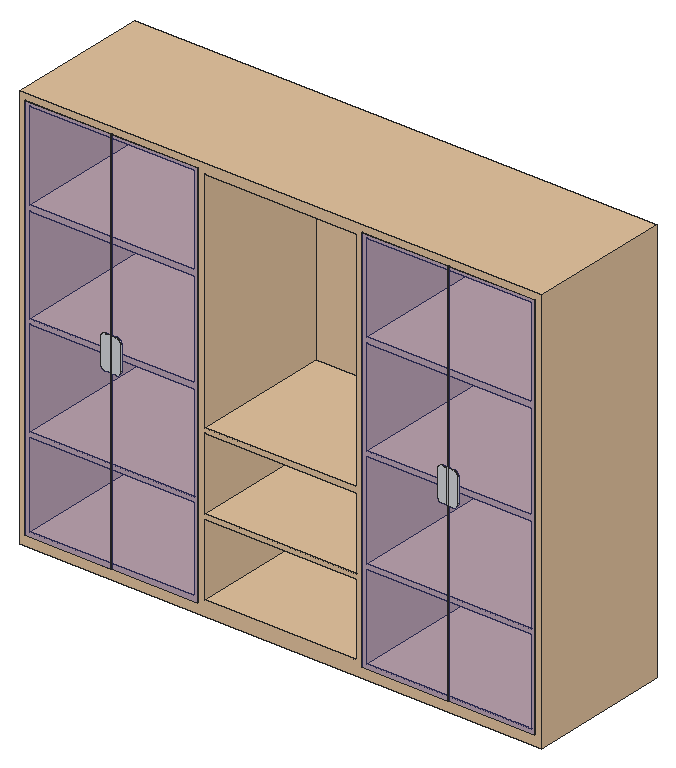
Revit family "6450095ca75e4d3b9abb52087d075751", category Mobilier, Revit 2021
Family settings
  Basée sur le plan de construction = Non
  Toujours verticalement = Oui
  Couper avec des vides une fois chargée = Non
  Partagée = Non
  Point de calcul de pièce = Non
Parameters (values of type "2743mm x 2134mm x 762mm")
  Elévation par défaut = 0 mm
  Portes = Verre
  Finition = Bois - Bouleau
  Largeur centrale = 800 mm
  Profondeur = 762 mm
  Hauteur = 2134 mm
  Largeur = 2743 mm
Types (3, lengths in mm): name | Largeur centrale | Profondeur | Hauteur | Largeur
  (no name) | 800 | 762 | 2134 | 2743
  1830mm x 1830mm x 610mm | 813 | 610 | 1830 | 1830
  2743mm x 2134mm x 762mm | 800 | 762 | 2134 | 2743
Reference planes
  plane 1: y = -406.4
  plane 2: z = 0
  plane 3: x = 0
  plane 4 "Arrière": y = -25.4
  plane 5 "Avant": y = -787.4
  plane 6 "Droite": x = 1371.5
  plane 7 "Gauche": x = -1371.5
  plane 8: z = 2134
  plane 9: x = -1320.7
  plane 10: x = -400
  plane 11: x = 400
  plane 12: x = 1320.7
  plane 13: x = -1371.5
  plane 14: x = 1371.5
  plane 15: z = 1600.5
  plane 16: z = 1067
  plane 17: z = 533.5
  plane 18: x = -425.4
  plane 19: x = 425.4
  plane 20: x = -885.75
  plane 21: x = 885.75
  plane 22: x = -1320.7
  plane 23: x = -450.8
  plane 24: x = 450.8
  plane 25: x = 1320.7
Forms (mm)
  Extrusion 1, solid, material "Bois - Bouleau" <- "Finition"
    sketch origin (0, 0, 0) x (1, 0, 0) y (0, 0, 1)
      loop
        line (-1371.5, 0) -> (1371.5, 0) -> (1371.5, 2134) -> (-1371.5, 2134) -> (-1371.5, 0)
      loop
        line (-1320.7, 2083.2) -> (-1320.7, 1613.2) -> (-450.8, 1613.2) -> (-450.8, 2083.2) -> (-1320.7, 2083.2)
      loop
        line (-1320.7, 76.2) -> (-450.8, 76.2) -> (-450.8, 520.8) -> (-1320.7, 520.8) -> (-1320.7, 76.2)
      loop
        line (1320.7, 2083.2) -> (450.8, 2083.2) -> (450.8, 1613.2) -> (1320.7, 1613.2) -> (1320.7, 2083.2)
      loop
        line (-400, 2083.2) -> (-400, 889.2) -> (400, 889.2) -> (400, 2083.2) -> (-400, 2083.2)
      loop
        line (-400, 76.2) -> (400, 76.2) -> (400, 457.3) -> (-400, 457.3) -> (-400, 76.2)
      loop
        line (450.8, 76.2) -> (1320.7, 76.2) -> (1320.7, 520.8) -> (450.8, 520.8) -> (450.8, 76.2)
      loop
        line (-450.8, 546.2) -> (-450.8, 1054.3) -> (-1320.7, 1054.3) -> (-1320.7, 546.2) -> (-450.8, 546.2)
      loop
        line (-1320.7, 1587.8) -> (-1320.7, 1079.7) -> (-450.8, 1079.7) -> (-450.8, 1587.8) -> (-1320.7, 1587.8)
      loop
        line (1320.7, 1587.8) -> (450.8, 1587.8) -> (450.8, 1079.7) -> (1320.7, 1079.7) -> (1320.7, 1587.8)
      loop
        line (1320.7, 1054.3) -> (450.8, 1054.3) -> (450.8, 546.2) -> (1320.7, 546.2) -> (1320.7, 1054.3)
      loop
        line (-400, 482.7) -> (400, 482.7) -> (400, 863.8) -> (-400, 863.8) -> (-400, 482.7)
    from 25.4 to 781.05
  Extrusion 2, solid, material "Bois - Bouleau" <- "Finition"
    sketch origin (0, -25.4, 0) x (-1, 0, 0) y (0, 0, 1)
      loop
        line (1320.7, 2083.2) -> (-1320.7, 2083.2) -> (-1320.7, 76.2) -> (1320.7, 76.2) -> (1320.7, 2083.2)
    from 0 to -25.4
  Extrusion 3, solid, material "Verre" <- "Portes"
    sketch origin (0, -787.4, 0) x (-1, 0, 0) y (0, 0, 1)
      loop
        line (1339.75, 2102.25) -> (888.925, 2102.25) -> (888.925, 50.8) -> (1339.75, 50.8) -> (1339.75, 2102.25)
      loop
        line (431.75, 50.8) -> (882.575, 50.8) -> (882.575, 2102.25) -> (431.75, 2102.25) -> (431.75, 50.8)
      loop
        line (-1339.857, 2102.25) -> (-1339.857, 50.8) -> (-888.925, 50.8) -> (-888.925, 2102.25) -> (-1339.857, 2102.25)
      loop
        line (-431.75, 50.8) -> (-431.75, 2102.25) -> (-882.575, 2102.25) -> (-882.575, 50.8) -> (-431.75, 50.8)
    from 0 to 6.35
  Extrusion 4, solid
    sketch origin (0, -787.4, 0) x (-1, 0, 0) y (0, 0, 1)
      loop
        line (882.575, 1155.9) -> (858.349, 1155.9)
        arc (858.349, 1155.9) -> (840.388, 1148.461) -> (832.949, 1130.5) r 25.4
        line (832.949, 1130.5) -> (832.949, 1003.5)
        arc (832.949, 1003.5) -> (840.388, 985.539) -> (858.349, 978.1) r 25.4
        line (858.349, 978.1) -> (882.575, 978.1) -> (882.575, 1155.9)
      loop
        line (888.925, 1155.9) -> (888.925, 978.1) -> (913.531, 978.1)
        arc (913.531, 978.1) -> (931.492, 985.539) -> (938.931, 1003.5) r 25.4
        line (938.931, 1003.5) -> (938.931, 1130.5)
        arc (938.931, 1130.5) -> (931.492, 1148.461) -> (913.531, 1155.9) r 25.4
        line (913.531, 1155.9) -> (888.925, 1155.9)
      loop
        line (-882.575, 1155.9) -> (-882.575, 978.1) -> (-858.349, 978.1)
        arc (-858.349, 978.1) -> (-840.388, 985.539) -> (-832.949, 1003.5) r 25.4
        line (-832.949, 1003.5) -> (-832.949, 1130.5)
        arc (-832.949, 1130.5) -> (-840.388, 1148.461) -> (-858.349, 1155.9) r 25.4
        line (-858.349, 1155.9) -> (-882.575, 1155.9)
      loop
        line (-888.925, 1155.9) -> (-913.531, 1155.9)
        arc (-913.531, 1155.9) -> (-931.492, 1148.461) -> (-938.931, 1130.5) r 25.4
        line (-938.931, 1130.5) -> (-938.931, 1003.5)
        arc (-938.931, 1003.5) -> (-931.492, 985.539) -> (-913.531, 978.1) r 25.4
        line (-913.531, 978.1) -> (-888.925, 978.1) -> (-888.925, 1155.9)
    from 0 to -3.175
Cuts and joins
  joined: Extrusion 1, Extrusion 2
Dimensions and locks
  locked: plane 13 to plane 9 at 50.8
  locked: plane 12 to plane 14 at 50.8
  plane 8 to Extrusion 1 sketch curve = 50.8 mm
  Extrusion 1 sketch curve to plane 2 = 76.2 mm
  Extrusion 1 sketch curve to Extrusion 1 sketch curve = 25.4 mm  (x2)
  "Largeur": plane 7 "Gauche" to plane 6 "Droite"
  equal spacing: plane 7 "Gauche", plane 3, plane 6 "Droite"
  equal spacing: plane 4 "Arrière", plane 1, plane 5 "Avant"
  "Profondeur": plane 4 "Arrière" to plane 5 "Avant"
  equal spacing: plane 8, plane 15, plane 16, plane 17, plane 2
  locked: Extrusion 1 sketch curve to plane 15 at 12.7
  locked: plane 15 to Extrusion 1 sketch curve at 12.7
  locked: Extrusion 1 sketch curve to plane 16 at 12.7
  locked: plane 16 to Extrusion 1 sketch curve at 12.7
  locked: Extrusion 1 sketch curve to plane 17 at 12.7
  locked: plane 17 to Extrusion 1 sketch curve at 12.7
  "Hauteur": plane 8 to plane 2
  "Largeur centrale": plane 10 to plane 11
  equal spacing: plane 10, plane 3, plane 11
  locked: plane 18 to plane 10 at 25.4
  locked: plane 11 to plane 19 at 25.4
  locked: plane 7 "Gauche" to plane 22 at 50.8
  locked: plane 23 to plane 18 at 25.4
  locked: plane 19 to plane 24 at 25.4
  locked: plane 25 to plane 6 "Droite" at 50.8
  equal spacing: plane 22, plane 20, plane 23
  equal spacing: plane 24, plane 21, plane 25
  locked: cut or joined group of Extrusion 1, Extrusion 2 to plane 5 "Avant" at 6.35
  aligned and locked: Extrusion 1 sketch curve to plane 13
  aligned and locked: Extrusion 1 sketch curve to plane 14
  aligned and locked: plane 13 to plane 7 "Gauche"
  aligned and locked: Extrusion 1 sketch curve to Extrusion 1 sketch curve  (x2)
  aligned and locked: plane 14 to plane 6 "Droite"
  aligned and locked: plane 4 "Arrière" to Extrusion 1
  aligned and locked: Extrusion 1 to Extrusion 3
  aligned and locked: Extrusion 4 sketch curve to Extrusion 3  (x2)
  aligned and locked: Extrusion 3 to Extrusion 4 sketch curve  (x2)
Automatic sketch dimensions
  Extrusion 1 sketch curve to plane 9 = 0 mm  (x4)
  Extrusion 1 sketch curve to plane 10 = 0 mm  (x3)
  Extrusion 1 sketch curve to plane 11 = 0 mm  (x3)
  Extrusion 1 sketch curve to plane 12 = 0 mm  (x4)
  Extrusion 1 sketch curve to Extrusion 1 sketch curve = 50.8 mm  (x2)
  Extrusion 1 sketch curve to plane 11 = 50.8 mm
  Extrusion 1 sketch curve to plane 8 = 0 mm
  Extrusion 1 sketch curve to Extrusion 1 sketch curve = 0 mm  (x6)
  Extrusion 1 sketch curve to level = 0 mm
  level to Extrusion 1 sketch curve = 76.2 mm
  plane 8 to Extrusion 1 sketch curve = 50.8 mm
  Extrusion 1 sketch curve to Extrusion 1 sketch curve = 165.1 mm  (x2)
  Extrusion 1 sketch curve to Extrusion 1 sketch curve = 25.4 mm  (x2)
  Extrusion 1 sketch curve to Extrusion 1 sketch curve = 38.1 mm  (x2)
  Extrusion 2 sketch curve to plane 6 "Droite" = 50.8 mm
  plane 7 "Gauche" to Extrusion 2 sketch curve = 50.8 mm
  level to Extrusion 2 sketch curve = 76.2 mm
  plane 8 to Extrusion 2 sketch curve = 50.8 mm
  plane 18 to Extrusion 1 sketch curve = 25.4 mm
  Extrusion 3 sketch curve to plane 6 "Droite" = 31.643 mm
  Extrusion 3 sketch curve to plane 21 = 3.175 mm
  plane 21 to Extrusion 3 sketch curve = 3.175 mm
  Extrusion 3 sketch curve to plane 19 = 6.35 mm
  plane 18 to Extrusion 3 sketch curve = 6.35 mm
  Extrusion 3 sketch curve to plane 20 = 3.175 mm
  plane 20 to Extrusion 3 sketch curve = 3.175 mm
  plane 7 "Gauche" to Extrusion 3 sketch curve = 31.75 mm
  level to Extrusion 3 sketch curve = 50.8 mm  (x4)
  plane 8 to Extrusion 3 sketch curve = 31.75 mm  (x4)
  Extrusion 4 sketch curve to Extrusion 4 sketch curve = 24.606 mm  (x4)
  Extrusion 4 sketch curve to Extrusion 4 sketch curve = 25.4 mm  (x5)
  Extrusion 4 sketch curve to Extrusion 4 sketch curve = 24.226 mm  (x4)
  Extrusion 4 sketch curve to Extrusion 4 sketch curve = 49.626 mm
  plane 16 to Extrusion 4 sketch curve = 88.9 mm  (x2)
  Extrusion 4 sketch curve to Extrusion 4 sketch curve = 0 mm  (x2)
  Extrusion 4 sketch curve to plane 16 = 63.5 mm  (x2)
